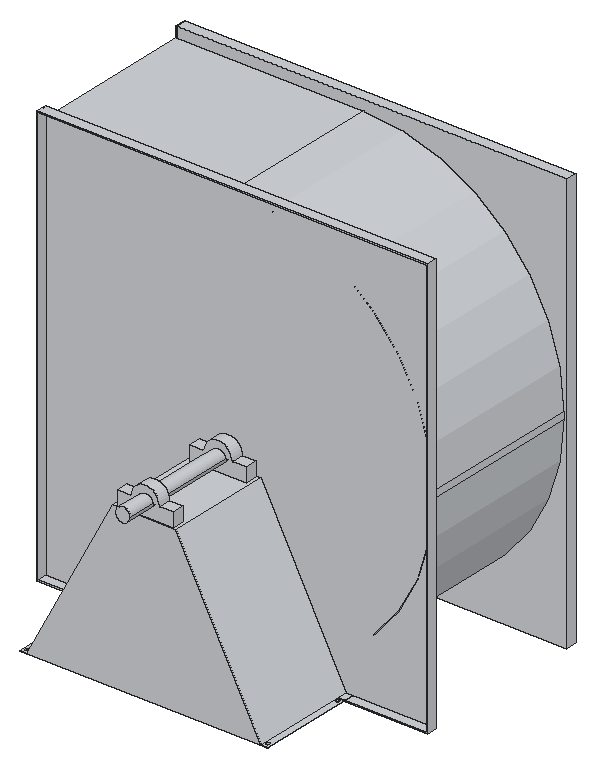
Revit family "CA-4_SWSI_ARR_1_CCW_THD", category Mechanical Equipment, Revit 2019 (continued)
Types (55): name | S | R | P | O/2 | O | H | ARR_1_U-D | ARR_1_K-D | ARR_1_J/2 | ARR_1_J | MOTOR_RAD | M | L | K | J | INLET_RAD/2 | INLET_RAD+1.5" | INLET_RAD | INLET_DIA | G-H | G/5 | G | F | E-(INLET_RAD+1.5") | E+(INLET_RAD+1.5") | E | D-((D-B)/2) | D | B | ARR_2_L-ARR_2_K | ARR_2_L | ARR_2_K | ARR_1_V | ARR_1_U | ARR_1_N | ARR_1_M | ARR_1_K | ARR_1_H | ARR_1_G | A | 2ARR_1_J+1" | 2ARR_1_J | Model | -ARR_1_J | -(ARR_2_L - ARR_2_K) | -(((K-B)/2)-.125") | -(((D - B) / 2) - 1/8") | (R-B)/2 | ((K-B)/2)+B | (D-B)/2 | -(((K-B)/2)+L) | ((D-B)/2)-.125"
  600_CA-4_SWSI_ARR_1_CCW_THD_CLASS_2 | 32" | 49 5/16" | 24 21/32" | 17/32" | 1 1/16" | 51 5/8" | 34 3/8" | 27" | 1 23/32" | 3 7/16" | 10 5/16" | 66 11/16" | 10" | 56 11/16" | 3" | 16 1/2" | 34 1/2" | 33" | 66" | 58" | 21.925" | 109 5/8" | 118" | 15 1/4" | 84 1/4" | 49 3/4" | 48 13/16" | 51 13/16" | 45 13/16" | 26 7/8" | 34 3/8" | 7 1/2" | 7 1/2" | 86 3/16" | 24 9/16" | 1 1/4" | 78 13/16" | 33 3/4" | 34 3/4" | 65 5/8" | 7 7/8" | 6 7/8" | "CA-4 SWSI ARR 1 CCW THD CLASS 2" | -3 7/16" | -26 7/8" | -5 5/16" | -2 7/8" | 1 3/4" | 51 1/4" | 3" | -15 7/16" | 2 7/8"
  600_CA-4_SWSI_ARR_1_CCW_THD_CLASS_3 | 32" | 49 5/16" | 24 21/32" | 17/32" | 1 1/16" | 51 5/8" | 34 3/8" | 27" | 1 31/32" | 3 15/16" | 11 13/16" | 66 11/16" | 10" | 56 11/16" | 3" | 16 1/2" | 34 1/2" | 33" | 66" | 58" | 21.925" | 109 5/8" | 118" | 15 1/4" | 84 1/4" | 49 3/4" | 48 13/16" | 51 13/16" | 45 13/16" | 26 7/8" | 34 3/8" | 7 1/2" | 7 1/2" | 86 3/16" | 24 9/16" | 1 1/4" | 78 13/16" | 33 3/4" | 34 3/4" | 65 5/8" | 8 7/8" | 7 7/8" | "CA-4 SWSI ARR 1 CCW THD CLASS 3" | -3 15/16" | -26 7/8" | -5 5/16" | -2 7/8" | 1 3/4" | 51 1/4" | 3" | -15 7/16" | 2 7/8"
